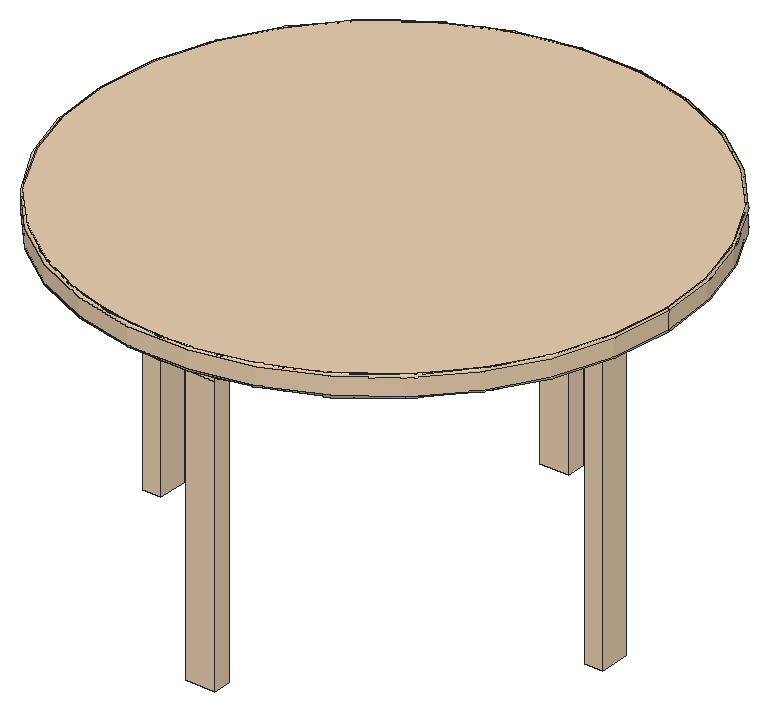
Revit family "Artek_Tables_Aalto Table round_Aalto Table round 91", category Furniture, Revit 2018
Family settings
  OmniClass Number = 23.40.20.14.17.11
  OmniClass Title = Dining Room Tables
  Work Plane-Based = No
  Always vertical = Yes
  Cut with Voids When Loaded = No
  Shared = No
  Room Calculation Point = No
Parameters (values of type "Aalto Table round 91 Birch")
  WarrantyStartDate [instance] = "n/a"
  WarrantyGuarantorParts = "n/a"
  WarrantyGuarantorLabor = "n/a"
  WarrantyDurationUnit = "n/a"
  WarrantyDurationParts = "n/a"
  WarrantyDurationLabor = "n/a"
  WarrantyDescription = "n/a"
  VersionDate = "03/11/2020"  # constant formula
  Version = "1"  # constant formula
  Uniclass2015Reference = "Pr_40_50_21_22"
  Uniclass2015Description = "Dining tables"
  Uniclass2 = "Pr_40_50_21_21"
  URL = "https://www.artek.fi/en/products/aalto-table-round"
  Type Comments = ""
  TagNumber [instance] = "n/a"
  TableSecondaryMaterial = Natural Birch
  TableMainMaterial = Natural Birch
  SustainabilityPerformance = "n/a"
  Style = "n/a"
  Size = "1250x740x1250 mm "  # constant formula
  Shape = "Sculptured"
  SerialNumber [instance] = "n/a"
  Revision = "n/a"
  ReplacementCost = "n/a"
  ProductInformation = "n/a"
  NominalLength = 1250 mm  # constant formula
  NominalHeight = 740 mm  # constant formula
  NominalDepth = 1250 mm  # constant formula
  Name = "Aalto Table round 91\r\n"  # constant formula
  NBSReference = "45-35-86/327"
  NBSDescription = "Tables"
  ModelReference = "n/a"
  ModelNumber = "28302181"
  Material = "Wood"
  ManufacturerURL = "https://www.artek.fi/"
  ManufacturerName = "Artek"
  Model = "Aalto Table round 91 Birch"
  Manufacturer = "Artek"
  MainColor = "Natural birch"
  InstallationDate [instance] = "n/a"
  IfcExportType = "TABLE"  # constant formula
  IfcExportAs = "IfcFurnishingElementType"  # constant formula
  Grade = "n/a"
  Finish = "n/a"
  Features = "n/a"
  ExpectedLife = "n/a"
  DurationUnit = "n/a"
  Designer = "Alvar Aalto"
  Description = ""
  Cost = 0
  ConvergoRefNr = "0190-2009-0020-FI\t\t\r\n"  # constant formula
  Constituents = "n/a"
  Color = MainColor  # "Natural birch"
  CodePerformance = "n/a"
  Barcode [instance] = "n/a"
  AssetIdentifier [instance] = "n/a"
  Category = "Tables"
  Brand = "Artek"
  BIMObjectName = "Artek_Tables_Aalto Table round_Aalto Table round 91"  # constant formula
  Author = "Convergo AB"  # constant formula
  AssetType = "Movable"
  AccessibilityPerformance = "n/a"
Types (7, lengths in mm): name | TableSecondaryMaterial | TableMainMaterial | ModelNumber | Model | MainColor | Color
  (no name) | Natural Birch | Natural Birch | "28302181" | "Aalto Table round 91 Birch" | "Natural birch" | "Natural birch"
  Aalto Table round 91 Birch | Natural Birch | Natural Birch | "28302181" | "Aalto Table round 91 Birch" | "Natural birch" | "Natural birch"
  Aalto Table round 91 White laminate | Natural Birch | White Laminate | "28302182" | "Aalto Table round 91 White laminate" | "Natural birch" | "Natural birch"
  Aalto Table round 91 Black linoleum | Natural Birch | Black Linoleum | "28302183" | "Aalto Table round 91 Black linoleum" | "Natural birch" | "Natural birch"
  Aalto Table round 91 Linoleum black leg black | Black Linoleum | Black Linoleum | "28302184" | "Aalto Table round 91 Linoleum black leg black" | "Black" | "Black"
  Aalto Table round 91 White HPL leg white | White Laminate | White Laminate | "28302185" | "Aalto Table round 91 White HPL leg white" | "White" | "White"
  Aalto Table round 91 Walnut | Walnut | Walnut | "28302186" | "Aalto Table round 91 Walnut" | "Walnut" | "Walnut"
Reference planes
  plane 1 "Center (Front/Back)": y = 0
  plane 2: z = 0
  plane 3 "Center (Left/Right)": x = 0
  plane 4: x = -625
  plane 5: x = 625
  plane 6: y = -625
  plane 7: y = 625
  plane 8: z = 740
Dimensions and locks
  equal spacing: plane 4, plane 3 "Center (Left/Right)", plane 5
  "NominalLength": plane 4 to plane 5
  equal spacing: plane 7, plane 1 "Center (Front/Back)", plane 6
  "NominalDepth": plane 7 to plane 6
  "NominalHeight": plane 8 to level
  aligned and locked: level to plane 2
Nested families
  nested 1: "91" at (0, -0.002, 0), Material 1 <- "TableMainMaterial", Material 2 <- "TableSecondaryMaterial", type "91"
    with Material 2 Natural Birch, Material 1 Natural Birch
Definition of nested family "91"
  Parameters (values of type "91")
    Material 2 [instance] = none
    Material 1 [instance] = none
  Reference planes
    plane 1 "Center (Front/Back)": y = 0
    plane 2: z = 0
    plane 3 "Center (Left/Right)": x = 0
    plane 4: x = -625
    plane 5: x = 625
    plane 6: y = -625
    plane 7: y = 625
    plane 8: z = 740
    plane 9: z = 693
    plane 10: y = -505
    plane 11: y = 505
    plane 12: x = 505
    plane 13: x = -505
  Forms (mm)
    Extrusion 1, solid, material <- "Material 1", detail levels medium+fine
      sketch origin (0, 0, 0) x (1, 0, 0) y (0, 1, 0)
        loop
          circle (0, 0) r 625
        loop
          circle (0, 0) r 620
      from 693 to 740
    Sweep 2, void
      path in 3D
        loop
          arc (625, 0, 740) -> (0, -625, 740) -> (-625, 0, 740) r 625
          arc (-625, 0, 740) -> (0, 625, 740) -> (625, 0, 740) r 625
      profile origin (0, 625, 740) x (0, 1, 0) y (0, 0, 1)
        loop
          line (0, 0) -> (-5, 0)
          arc (-5, 0) -> (-1.464, -1.464) -> (0, -5) r 5
          line (0, -5) -> (0, 0)
        loop
          line (0, -47) -> (0, -42)
          arc (0, -42) -> (-1.464, -45.536) -> (-5, -47) r 5
          line (-5, -47) -> (0, -47)
    Extrusion 3, solid, material <- "Material 1", detail levels medium+fine
      sketch origin (0, 0, 0) x (1, 0, 0) y (0, 1, 0)
        loop
          circle (0, 0) r 620
      from 693 to 740
    Extrusion 4, solid, material <- "Material 1", detail levels medium+fine
      sketch origin (0, 90, 0) x (0, 1, 0) y (0, 0, 1)
        loop
          line (354.94, 693) -> (262, 693) -> (262, 658) -> (344, 658)
          arc (344, 658) -> (366.627, 648.627) -> (376, 626) r 32
          line (376, 626) -> (376, 0) -> (415, 0) -> (415, 610.6)
          arc (415, 610.6) -> (412.135, 634.721) -> (403.7, 657.5) r 102.978
          arc (403.7, 657.5) -> (383.557, 681.069) -> (354.94, 693) r 66.77
      from -32 to 32
    Extrusion 5, solid, material <- "Material 1", detail levels coarse
      sketch origin (0, 0, 0) x (1, 0, 0) y (0, 1, 0)
        loop
          line (-625, 625) -> (-625, -625) -> (625, -625) -> (625, 625) -> (-625, 625)
      from 0 to 740
    Extrusion 6, solid, material <- "Material 1", detail levels medium+fine
      sketch origin (0, -90, 0) x (0, -1, 0) y (0, 0, -1)
        loop
          arc (354.94, -693) -> (383.557, -681.069) -> (403.7, -657.5) r 66.77
          arc (403.7, -657.5) -> (412.135, -634.721) -> (415, -610.6) r 102.978
          line (415, -610.6) -> (415, 0) -> (376, 0) -> (376, -626)
          arc (376, -626) -> (366.627, -648.627) -> (344, -658) r 32
          line (344, -658) -> (262, -658) -> (262, -693) -> (354.94, -693)
      from -32 to 32
    Extrusion 7, solid, material <- "Material 1", detail levels medium+fine
      sketch origin (-90, 0, 0) x (-1, 0, 0) y (0, 0, 1)
        loop
          line (354.94, 693) -> (262, 693) -> (262, 658) -> (344, 658)
          arc (344, 658) -> (366.627, 648.627) -> (376, 626) r 32
          line (376, 626) -> (376, 0) -> (415, 0) -> (415, 610.6)
          arc (415, 610.6) -> (412.135, 634.721) -> (403.7, 657.5) r 102.978
          arc (403.7, 657.5) -> (383.557, 681.069) -> (354.94, 693) r 66.77
      from -32 to 32
    Extrusion 8, solid, material <- "Material 1", detail levels medium+fine
      sketch origin (90, 0, 0) x (1, 0, 0) y (0, 0, -1)
        loop
          arc (354.94, -693) -> (383.557, -681.069) -> (403.7, -657.5) r 66.77
          arc (403.7, -657.5) -> (412.135, -634.721) -> (415, -610.6) r 102.978
          line (415, -610.6) -> (415, 0) -> (376, 0) -> (376, -626)
          arc (376, -626) -> (366.627, -648.627) -> (344, -658) r 32
          line (344, -658) -> (262, -658) -> (262, -693) -> (354.94, -693)
      from -32 to 32
  Cuts and joins
    Sweep 2 cuts Extrusion 1
  Lines and regions (mm)
    sketch lines
      curve 1: arc (-625, 0, 740) -> (0, 625, 740) -> (625, 0, 740) r 625
      curve 2: arc (625, 0, 740) -> (0, -625, 740) -> (-625, 0, 740) r 625
    symbolic lines, detail levels medium+fine
      curve 3: circle (0, 0, 0) r 625 normal (0, 0, 1)
      curve 4: line (0, 0, 740) -> (-620, 0, 740)
      curve 5: arc (-620, 0, 740) -> (-623.787, 0, 738.286) -> (-625, 0, 734.311) r 5.042
      curve 6: line (-625, 0, 734.311) -> (-625, 0, 697.311)
      curve 7: arc (-625, 0, 697.311) -> (-623.488, 0, 694.01) -> (-620, 0, 693) r 4.358
      curve 8: line (0, 0, 740) -> (620, 0, 740)
      curve 9: arc (620, 0, 740) -> (623.787, 0, 738.286) -> (625, 0, 734.311) r 5.042
      curve 10: line (625, 0, 734.311) -> (625, 0, 697.311)
      curve 11: arc (625, 0, 697.311) -> (623.488, 0, 694.01) -> (620, 0, 693) r 4.358
      curve 12: line (0, 0, 740) -> (0, 620, 740)
      curve 13: arc (0, 620, 740) -> (0, 623.587, 738.484) -> (0, 625, 734.855) r 5.002
      curve 14: line (0, 625, 734.855) -> (0, 625, 697.855)
      curve 15: arc (0, 625, 697.855) -> (0, 623.527, 694.371) -> (0, 620.001, 693) r 4.857
      curve 16: line (0, 0, 740) -> (0, -620, 740)
      curve 17: line (0, 505, 610.6) -> (0, 505, 0)
      curve 18: line (0, 505, 0) -> (0, 466, 0)
      curve 19: line (0, 466, 0) -> (0, 466, 626)
      curve 20: line (0, 434, 658) -> (0, 352, 658)
      curve 21: line (0, 352, 658) -> (0, 352, 693)
      curve 23: line (0, 32, 0) -> (0, 32, 693)
      curve 24: line (0, -32, 693) -> (0, -32, 0)
      curve 25: line (0, -32, 0) -> (0, 32, 0)
      curve 27: line (0, 352, 693) -> (0, 32, 693)
      curve 28: line (0, -32, 693) -> (0, -352, 693)
      curve 29: line (0, 444.94, 693) -> (0, 620.001, 693)
      curve 30: line (32, 0, 0) -> (32, 0, 693)
      curve 31: line (-32, 0, 693) -> (-32, 0, 0)
      curve 32: line (-32, 0, 0) -> (32, 0, 0)
      curve 34: arc (0, 466, 626) -> (0, 456.627, 648.627) -> (0, 434, 658) r 32
      curve 35: arc (0, 493.7, 657.5) -> (0, 502.135, 634.721) -> (0, 505, 610.6) r 102.978
      curve 36: arc (0, 444.94, 693) -> (0, 473.557, 681.069) -> (0, 493.7, 657.5) r 66.77
      curve 37: arc (0, -620, 740) -> (0, -623.587, 738.484) -> (0, -625, 734.855) r 5.002
      curve 38: line (0, -625, 734.855) -> (0, -625, 697.855)
      curve 39: arc (0, -625, 697.855) -> (0, -623.527, 694.371) -> (0, -620.001, 693) r 4.857
      curve 40: line (0, -505, 610.6) -> (0, -505, 0)
      curve 41: line (0, -505, 0) -> (0, -466, 0)
      curve 42: line (0, -466, 0) -> (0, -466, 626)
      curve 43: line (0, -434, 658) -> (0, -352, 658)
      curve 44: line (0, -352, 658) -> (0, -352, 693)
      curve 46: line (0, -444.94, 693) -> (0, -620.001, 693)
      curve 47: arc (0, -466, 626) -> (0, -456.627, 648.627) -> (0, -434, 658) r 32
      curve 48: arc (0, -493.7, 657.5) -> (0, -502.135, 634.721) -> (0, -505, 610.6) r 102.978
      curve 49: arc (0, -444.94, 693) -> (0, -473.557, 681.069) -> (0, -493.7, 657.5) r 66.77
      curve 50: arc (-493.7, 0, 657.5) -> (-502.135, 0, 634.721) -> (-505, 0, 610.6) r 102.978
      curve 51: line (-505, 0, 610.6) -> (-505, 0, 0)
      curve 52: line (-505, 0, 0) -> (-466, 0, 0)
      curve 53: line (-466, 0, 0) -> (-466, 0, 626)
      curve 54: arc (-466, 0, 626) -> (-456.627, 0, 648.627) -> (-434, 0, 658) r 32
      curve 55: line (-434, 0, 658) -> (-352, 0, 658)
      curve 56: line (-352, 0, 658) -> (-352, 0, 693)
      curve 58: arc (-444.94, 0, 693) -> (-473.557, 0, 681.069) -> (-493.7, 0, 657.5) r 66.77
      curve 59: line (352, 0, 658) -> (434, 0, 658)
      curve 60: arc (434, 0, 658) -> (456.627, 0, 648.627) -> (466, 0, 626) r 32
      curve 61: line (466, 0, 626) -> (466, 0, 0)
      curve 62: line (466, 0, 0) -> (505, 0, 0)
      curve 63: line (505, 0, 0) -> (505, 0, 610.6)
      curve 64: arc (505, 0, 610.6) -> (502.135, 0, 634.721) -> (493.7, 0, 657.5) r 102.978
      curve 65: arc (493.7, 0, 657.5) -> (473.557, 0, 681.069) -> (444.94, 0, 693) r 66.77
      curve 67: line (352, 0, 693) -> (352, 0, 658)
      curve 68: line (-620, 0, 693) -> (-444.94, 0, 693)
      curve 69: line (-352, 0, 693) -> (-32, 0, 693)
      curve 70: line (32, 0, 693) -> (352, 0, 693)
      curve 71: line (444.94, 0, 693) -> (620, 0, 693)
    symbolic lines, detail levels fine
      curve 22: line (0, 352, 693) -> (0, 444.94, 693)
      curve 26: line (0, 32, 693) -> (0, -32, 693)
      curve 33: line (-32, 0, 693) -> (32, 0, 693)
      curve 45: line (0, -352, 693) -> (0, -444.94, 693)
      curve 57: line (-352, 0, 693) -> (-444.94, 0, 693)
      curve 66: line (444.94, 0, 693) -> (352, 0, 693)
  Dimensions and locks
    equal spacing: plane 4, plane 3 "Center (Left/Right)", plane 5
    equal spacing: plane 6, plane 1 "Center (Front/Back)", plane 7
    plane 7 to plane 6 = 1250 mm
    plane 4 to plane 5 = 1250 mm
    aligned and locked: level to plane 2
  Automatic sketch dimensions
    plane 1 "Center (Front/Back)" to curve 3 = 0 mm
    curve 3 to plane 3 "Center (Left/Right)" = 0 mm
    Extrusion 1 sketch curve to Extrusion 1 sketch curve = 0 mm  (x2)
    plane 1 "Center (Front/Back)" to Extrusion 1 sketch curve = 0 mm
    Extrusion 1 sketch curve to plane 3 "Center (Left/Right)" = 0 mm
    Sweep 2 sketch curve to profile plane = 0 mm  (x3)
    profile plane to Sweep 2 sketch curve = 5 mm  (x2)
    Sweep 2 sketch curve to Sweep 2 sketch curve = 37 mm
    plane 1 "Center (Front/Back)" to Extrusion 3 sketch curve = 0 mm
    Extrusion 3 sketch curve to plane 3 "Center (Left/Right)" = 0 mm
    Extrusion 4 sketch curve to level = 0 mm
    Extrusion 4 sketch curve to plane 9 = 35 mm
    Extrusion 4 sketch curve to plane 7 = 273 mm
    Extrusion 4 sketch curve to Extrusion 4 sketch curve = 50.022 mm
    Extrusion 4 sketch curve to Extrusion 4 sketch curve = 31.978 mm
    Extrusion 4 sketch curve to Extrusion 4 sketch curve = 0.257 mm
    Extrusion 4 sketch curve to plane 9 = 0 mm
    Extrusion 4 sketch curve to Extrusion 4 sketch curve = 10.94 mm
    Extrusion 4 sketch curve to Extrusion 4 sketch curve = 31.743 mm
    Extrusion 4 sketch curve to Extrusion 4 sketch curve = 39 mm
    Extrusion 4 sketch curve to Extrusion 4 sketch curve = 15.4 mm
    Extrusion 4 sketch curve to Extrusion 4 sketch curve = 1.091 mm
    Extrusion 5 sketch curve to plane 4 = 0 mm
    Extrusion 5 sketch curve to plane 5 = 0 mm
    Extrusion 5 sketch curve to plane 6 = 0 mm
    Extrusion 5 sketch curve to plane 7 = 0 mm
    level to Extrusion 6 sketch curve = 0 mm
    Extrusion 6 sketch curve to plane 9 = 35 mm
    plane 6 to Extrusion 6 sketch curve = 273 mm
    Extrusion 6 sketch curve to Extrusion 6 sketch curve = 50.022 mm
    Extrusion 6 sketch curve to Extrusion 6 sketch curve = 31.978 mm
    Extrusion 6 sketch curve to Extrusion 6 sketch curve = 0.257 mm
    Extrusion 6 sketch curve to plane 9 = 0 mm
    Extrusion 6 sketch curve to Extrusion 6 sketch curve = 10.94 mm
    Extrusion 6 sketch curve to Extrusion 6 sketch curve = 31.743 mm
    Extrusion 6 sketch curve to Extrusion 6 sketch curve = 39 mm
    Extrusion 6 sketch curve to Extrusion 6 sketch curve = 1.091 mm
    Extrusion 6 sketch curve to Extrusion 6 sketch curve = 15.4 mm
    Extrusion 7 sketch curve to level = 0 mm
    Extrusion 7 sketch curve to plane 9 = 35 mm
    plane 4 to Extrusion 7 sketch curve = 273 mm
    Extrusion 7 sketch curve to Extrusion 7 sketch curve = 50.022 mm
    Extrusion 7 sketch curve to Extrusion 7 sketch curve = 31.978 mm
    Extrusion 7 sketch curve to Extrusion 7 sketch curve = 0.257 mm
    Extrusion 7 sketch curve to plane 9 = 0 mm
    Extrusion 7 sketch curve to Extrusion 7 sketch curve = 10.94 mm
    Extrusion 7 sketch curve to Extrusion 7 sketch curve = 31.743 mm
    Extrusion 7 sketch curve to Extrusion 7 sketch curve = 39 mm
    Extrusion 7 sketch curve to Extrusion 7 sketch curve = 15.4 mm
    Extrusion 7 sketch curve to Extrusion 7 sketch curve = 1.091 mm
    Extrusion 8 sketch curve to level = 0 mm
    Extrusion 8 sketch curve to plane 9 = 35 mm
    Extrusion 8 sketch curve to plane 5 = 273 mm
    Extrusion 8 sketch curve to Extrusion 8 sketch curve = 50.022 mm
    Extrusion 8 sketch curve to Extrusion 8 sketch curve = 31.978 mm
    Extrusion 8 sketch curve to Extrusion 8 sketch curve = 0.257 mm
    Extrusion 8 sketch curve to plane 9 = 0 mm
    Extrusion 8 sketch curve to Extrusion 8 sketch curve = 10.94 mm
    Extrusion 8 sketch curve to Extrusion 8 sketch curve = 31.743 mm
    Extrusion 8 sketch curve to Extrusion 8 sketch curve = 39 mm
    Extrusion 8 sketch curve to Extrusion 8 sketch curve = 1.091 mm
    Extrusion 8 sketch curve to Extrusion 8 sketch curve = 15.4 mm
    curve 7 to plane 4 = 0 mm
    curve 4 to plane 8 = 0 mm
    curve 51 to level = 0 mm
    curve 31 to level = 0 mm
    curve 8 to plane 3 "Center (Left/Right)" = 0 mm
    curve 62 to level = 0 mm
    curve 11 to plane 5 = 0 mm
    curve 6 to curve 7 = 4.358 mm
    curve 7 to curve 68 = 0.642 mm
    plane 4 to curve 4 = 5 mm
    plane 4 to curve 51 = 120 mm
    curve 51 to curve 53 = 39 mm
    curve 53 to curve 57 = 21.06 mm
    curve 53 to curve 58 = 31.743 mm
    curve 58 to curve 54 = 0.257 mm
    curve 54 to curve 50 = 31.978 mm
    curve 50 to curve 56 = 50.022 mm
    curve 31 to plane 3 "Center (Left/Right)" = 32 mm
    plane 3 "Center (Left/Right)" to curve 32 = 32 mm
    curve 30 to curve 70 = 320 mm
    curve 59 to curve 64 = 50.022 mm
    curve 64 to curve 60 = 31.978 mm
    curve 60 to curve 65 = 0.257 mm
    curve 59 to curve 66 = 10.94 mm
    curve 65 to curve 61 = 31.743 mm
    curve 61 to curve 63 = 39 mm
    curve 9 to plane 5 = 5 mm
    curve 63 to plane 9 = 82.4 mm
    curve 51 to plane 9 = 82.4 mm
    curve 64 to curve 61 = 15.4 mm
    curve 51 to curve 53 = 15.4 mm
    curve 60 to curve 65 = 1.091 mm
    curve 54 to curve 58 = 1.091 mm
    plane 9 to curve 11 = 4.311 mm
    curve 10 to plane 8 = 5.689 mm
    curve 6 to plane 8 = 5.689 mm
    curve 71 to plane 9 = 0 mm
    curve 71 to curve 11 = 0.642 mm
    curve 39 to plane 6 = 0 mm
    curve 37 to plane 8 = 0 mm
    curve 48 to plane 10 = 0 mm
    curve 41 to level = 0 mm
    curve 25 to level = 0 mm
    curve 16 to plane 1 "Center (Front/Back)" = 0 mm
    curve 18 to level = 0 mm
    curve 35 to plane 11 = 0 mm
    curve 14 to plane 7 = 0 mm
    curve 38 to curve 39 = 4.857 mm
    curve 46 to plane 9 = 0 mm
    curve 39 to curve 46 = 0.142 mm
    plane 6 to curve 37 = 5 mm
    plane 10 to curve 41 = 39 mm
    plane 10 to curve 46 = 60.06 mm
    curve 47 to curve 49 = 31.743 mm
    curve 49 to curve 43 = 0.257 mm
    curve 47 to curve 48 = 31.978 mm
    curve 43 to curve 44 = 82 mm
    plane 1 "Center (Front/Back)" to curve 28 = 32 mm
    curve 25 to plane 1 "Center (Front/Back)" = 32 mm
    plane 11 to curve 22 = 153 mm
    curve 20 to curve 35 = 50.022 mm
    curve 20 to plane 9 = 35 mm
    curve 35 to curve 20 = 31.978 mm
    curve 34 to curve 36 = 0.257 mm
    curve 20 to curve 22 = 10.94 mm
    plane 11 to curve 18 = 39 mm
    curve 12 to plane 7 = 5 mm
    curve 29 to plane 7 = 4.999 mm
    plane 9 to curve 15 = 4.855 mm
    curve 17 to curve 19 = 15.4 mm
    curve 48 to plane 9 = 82.4 mm
    curve 48 to curve 42 = 15.4 mm
    curve 34 to curve 36 = 1.091 mm
    curve 47 to curve 49 = 1.091 mm
    curve 38 to plane 8 = 5.145 mm
    curve 14 to plane 8 = 5.145 mm
    radius of curve 3 = 625 mm
    radius of Extrusion 1 sketch curve = 625 mm
    radius of Extrusion 1 sketch curve = 620 mm
    radius of Extrusion 3 sketch curve = 620 mm
